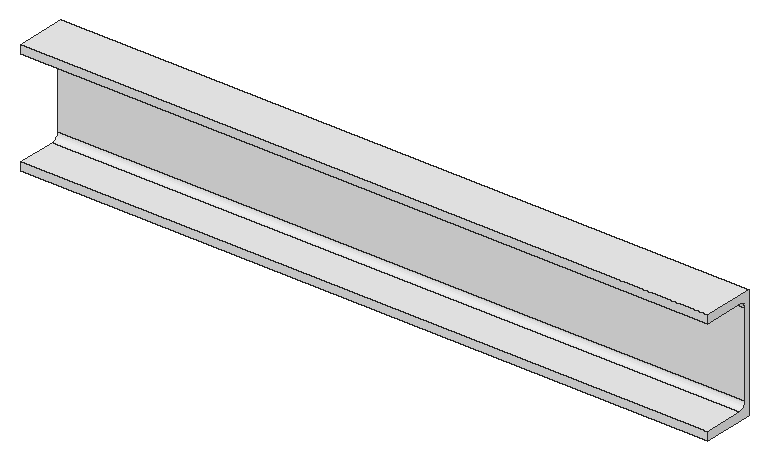
Revit family
Parameters (values of type "200x90x30PFC")
  시작 확장 계산 [instance] = 3012.5 mm + 시작 확장  # 3000 mm
  시작 확장 [instance] = -12.5 mm
  끝 확장 계산 [instance] = 3012.5 mm + 끝 확장  # 3000 mm
  끝 확장 [instance] = -12.5 mm
  보 재료 [instance] = 금속 - 스틸 - 345 MPa
  Assembly Code = ""
  A = 0.004 m²
  Cy = 31.2 mm
  Ix = 2523
  Length [instance] = 1524 mm
  M = 30
  Zx = 252
  b = 90 mm
  h = 200 mm
  r = 12 mm
  s = 7 mm
  t = 14 mm
Reference planes
  plane 1 "중심(앞/뒤)": y = 0
  plane 2: z = 0
  plane 3 "중심(왼쪽/오른쪽)": x = 4.61
  plane 4 "왼쪽 부재": x = -604.99
  plane 5 "오른쪽 부재": x = 614.21
  plane 6: y = 31.2
  plane 7: y = -58.8
  plane 8 "상단": z = 100
  plane 9: z = -100
  plane 10 "왼쪽": x = -757.39
  plane 11 "오른쪽": x = 766.61
  plane 12: x = -604.99
  plane 13: x = 614.21
  plane 14: x = 2395.01
  plane 15: x = -2385.79
Forms (mm)
  Sweep 1, solid, material "금속 - 스틸 - 345 MPa" <- "보 재료", detail levels medium
    path origin (0, 0, 0) x (1, 0, 0) y (0, 1, 0)
      loop
        line (614.21, 0) -> (-604.99, 0)
    profile "M_평행 채널-프로파일-중간 : M_평행 채널-프로파일-중간" origin (4.61, 0, 0) x (0, -1, 0) y (0, 0, 1)
      loop
        line (-31.2, -100) -> (58.8, -100) -> (58.8, -86) -> (-24.2, -86) -> (-24.2, 86) -> (58.8, 86) -> (58.8, 100) -> (-31.2, 100) -> (-31.2, -100)
  Sweep 2, solid, material "금속 - 스틸 - 345 MPa" <- "보 재료", detail levels fine
    path origin (0, 0, 0) x (1, 0, 0) y (0, 1, 0)
      loop
        line (614.21, 0) -> (-604.99, 0)
    profile "M_평행 채널-프로파일-섬세 : M_평행 채널-프로파일-섬세" origin (4.61, 0, 0) x (0, -1, 0) y (0, 0, 1)
      loop
        line (-31.2, -100) -> (58.8, -100) -> (58.8, -86) -> (-12.2, -86)
        arc (-12.2, -86) -> (-20.685, -82.485) -> (-24.2, -74) r 12
        line (-24.2, -74) -> (-24.2, 74)
        arc (-24.2, 74) -> (-20.685, 82.485) -> (-12.2, 86) r 12
        line (-12.2, 86) -> (58.8, 86) -> (58.8, 100) -> (-31.2, 100) -> (-31.2, -100)
Lines and regions (mm)
  symbolic lines, style "숨겨진 면", detail levels medium+fine
    curve 1: line (-604.99, 0, 86) -> (614.21, 0, 86)
    curve 2: line (-604.99, 12.7, 0) -> (614.21, 12.7, 0)
  symbolic lines, style "기호 부착", detail levels coarse
    curve 3: line (4.61, 31.2, 100) -> (4.61, -58.8, 100)
    curve 4: line (4.61, 31.2, -100) -> (4.61, 31.2, 100)
    curve 5: line (4.61, -58.8, -100) -> (4.61, 31.2, -100)
Dimensions and locks
  "b": plane 6 to plane 7
  "h": plane 9 to plane 8 "상단"
  "Cy": plane 6 to plane 1 "중심(앞/뒤)"
  equal spacing: plane 9, plane 2, plane 8 "상단"
  "Length": plane 10 "왼쪽" to plane 11 "오른쪽"
  locked: plane 4 "왼쪽 부재" to plane 14 at 3000
  locked: plane 15 to plane 5 "오른쪽 부재" at 3000
  "끝 확장 계산": plane 15 to plane 13
  "시작 확장 계산": plane 12 to plane 14
  aligned and locked: plane 4 "왼쪽 부재" to curve 1
  aligned and locked: plane 5 "오른쪽 부재" to curve 1
  aligned and locked: Sweep 1 sketch curve to plane 1 "중심(앞/뒤)"
  aligned and locked: Sweep 2 sketch curve to plane 1 "중심(앞/뒤)"
  aligned and locked: curve 3 to Sweep 2
  aligned and locked: curve 4 to Sweep 2
  aligned and locked: Sweep 2 to curve 5
  aligned and locked: curve 5 to Sweep 2
  aligned and locked: Sweep 2 to curve 3
  aligned and locked: plane 12 to Sweep 2 sketch curve
  aligned and locked: plane 13 to Sweep 2 sketch curve
  aligned and locked: plane 12 to Sweep 1 sketch curve
  aligned and locked: plane 13 to Sweep 1 sketch curve
Automatic sketch dimensions
  curve 2 to plane 4 "왼쪽 부재" = 0 mm
  curve 2 to plane 5 "오른쪽 부재" = 0 mm
  curve 2 to plane 1 "중심(앞/뒤)" = 12.7 mm
  plane 8 "상단" to curve 1 = 14 mm
